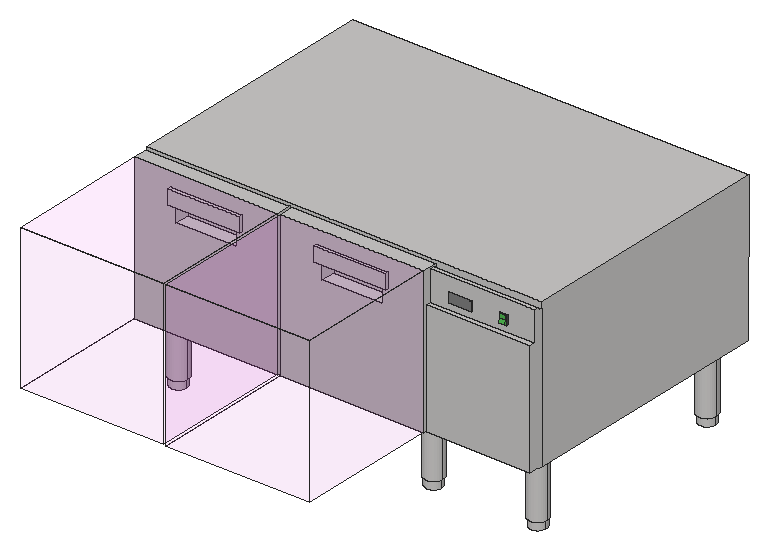
Revit family "QF_ELECTROLUXPROFESSIONAL_391602_E9TTAECOMIN", category Specialty Equipment, Revit 2023
Family settings
  Round Connector Dimension = Use Diameter
  Part Type = Normal
  Work Plane-Based = No
  Enable Cutting in Views = No
  Always vertical = Yes
  Cut with Voids When Loaded = No
  Maintain Annotation Orientation = No
  Shared = No
  Room Calculation Point = No
Parameters (values of type "Standard")
  Weight = 114.00 kg
  Watts = 4400 W
  Volts = 220 V
  URL Manufacturer = "http://professional.electrolux.com"
  URL = "http://professional.electrolux.com"
  Steam Supply Size = 0 mm
  Steam Supply Minimum Pressure = 0.0 Pa
  Steam Supply Maximum Pressure = 0.0 Pa
  Steam Pounds per Hour = 0
  Refrigeration Suction Line Size = 0 mm
  Refrigeration Liquid Line Size = 0 mm
  Refrigerant Compressor Remote = yes
  Default Elevation = 0 mm
  Manufacturer = "Electrolux Professional"
  Phase = 1
  Model = "E9TTAPCOMIN"
  Length Actual = 1200 mm  # constant formula
  Item Number = "391603"
  Hot Water Size = 0 mm
  Height Actual = 600 mm  # constant formula
  HP = "0.5 HP"
  Gas Size = 0 mm
  Gas KW = 0
  Gas Input Pressure = 0 W
  Description = "REFRIGERATED BASE WITH 2 DRAWERS 1200MM-60HZ - R290"
  Depth Actual = 830 mm  # constant formula
  Cycle = 60 Hz
  Condensate Return Size = 0 mm
  Compressed Air Volume = 0.0 L/s
  Compressed Air Size = 0 mm
  Compressed Air Pressure = 0.0 Pa
  Cold Water Size = 0 mm
  Accessory = yes
Reference planes
  plane 1 "Center X": y = 0
  plane 2: z = 0
  plane 3 "Centro (Sinistra/Destra)": x = 0
  plane 4: z = 200
  plane 5 "TOP": z = 650
  plane 6 "BACK": y = 450
  plane 7 "FRONT": y = -450
  plane 8 "LEFT": x = -600
  plane 9 "RIGHT": x = 600
  plane 10: y = -403
  plane 11: y = -448
  plane 12: x = -545
  plane 13: x = 545
  plane 14: x = 229
  plane 15: y = 292
  plane 16: y = -350
  plane 17: x = 286
  plane 18: x = -599
  plane 19: x = 599
  plane 20: y = 290
  plane 21: x = 560
  plane 22: y = 380
Forms (mm)
  Extrusion 1, solid, material "QF_Finishes_Stainless Steel"
    sketch origin (0, 0, 650) x (-1, 0, 0) y (0, -1, 0)
      loop
        line (599, -380) -> (599, 403) -> (-599, 403) -> (-599, -380) -> (599, -380)
    from -450 to 0
  Extrusion 2, solid, material "QF_Finishes_Stainless Steel"
    sketch origin (196, -342.999, 0) x (-1, 0, 0) y (0, 0, 1)
      loop
        line (795, 201.587) -> (795, 640.994) -> (360.999, 640.994) -> (360.999, 201.587) -> (795, 201.587)
      loop
        line (671.3, 506.706) -> (671.3, 585) -> (484.699, 585) -> (484.699, 506.706) -> (671.3, 506.706)
    from -105.001 to -60.001
  Extrusion 3, solid, material "QF_Door-Drawer Clearances"
    sketch origin (196, -448, 0) x (1, 0, 0) y (0, 0, 1)
      loop
        line (-795, 640.994) -> (-795, 201.587) -> (-360.999, 201.587) -> (-360.999, 640.994) -> (-795, 640.994)
    from 0 to 434
  Extrusion 4, solid, material "QF_Finishes_Stainless Steel"
    sketch origin (599, 66.551, 0) x (0, 1, 0) y (0, 0, 1)
      loop
        line (-469.551, 629.527) -> (-486.314, 640.994) -> (-497.65, 640.994) -> (-497.65, 549.796) -> (-514.551, 549.796) -> (-514.551, 204.796) -> (-484.714, 204.796) -> (-474.993, 200) -> (-469.551, 200) -> (-469.551, 629.527)
    from 0 to -313
  Extrusion 5, solid, material "QF_Finishes_Black"
    sketch origin (583, -431.099, 630.994) x (0, 0, -1) y (1, 0, 0)
      loop
        line (32.198, -86.899) -> (61.199, -86.899) -> (61.199, -64.9) -> (32.198, -64.9) -> (32.198, -86.899)
    from 0 to 1.6
  Extrusion 6, solid, material "QF_Finishes_Grey"
    sketch origin (589, -431.099, 630.994) x (0, 0, -1) y (1, 0, 0)
      loop
        line (32.198, -248.099) -> (61.199, -248.099) -> (61.199, -178.099) -> (32.198, -178.099) -> (32.198, -248.099)
    from 0 to 1.6
  Extrusion 7, solid, material "QF_Finishes_Green"
    sketch origin (518.1, -431.099, 598.796) x (0, 0, -1) y (0, 1, 0)
      loop
        line (2.279, -3.281) -> (14.5, -3.281) -> (25.308, -8.985)
        arc (25.308, -8.985) -> (26.537, -5.394) -> (26.605, -1.6) r 12.221
        line (26.605, -1.6) -> (2.395, -1.6)
        arc (2.395, -1.6) -> (2.308, -2.439) -> (2.279, -3.281) r 12.221
    from -20 to -2
  Extrusion 8, solid, material "QF_Door-Drawer Clearances"
    sketch origin (638.501, -342.999, 0) x (1, 0, 0) y (0, 0, 1)
      loop
        line (-795, 640.994) -> (-795, 201.587) -> (-360.999, 201.587) -> (-360.999, 640.994) -> (-795, 640.994)
    from 105.001 to 539.001
  Extrusion 9, solid, material "QF_Finishes_Stainless Steel"
    sketch origin (196, -448, 0) x (1, 0, 0) y (0, 0, 1)
      loop
        line (-686.3, 598.969) -> (-686.3, 553.969) -> (-469.699, 553.969) -> (-469.699, 598.969) -> (-686.3, 598.969)
    from 0 to 10
  Extrusion 10, solid, material "QF_Finishes_Stainless Steel"
    sketch origin (638.501, -342.999, 0) x (-1, 0, 0) y (0, 0, 1)
      loop
        line (795, 201.587) -> (795, 640.994) -> (360.999, 640.994) -> (360.999, 201.587) -> (795, 201.587)
      loop
        line (671.3, 506.706) -> (671.3, 585) -> (484.699, 585) -> (484.699, 506.706) -> (671.3, 506.706)
    from -105.001 to -60.001
  Extrusion 11, solid, material "QF_Finishes_Stainless Steel"
    sketch origin (638.501, -448, 0) x (1, 0, 0) y (0, 0, 1)
      loop
        line (-686.3, 598.969) -> (-686.3, 553.969) -> (-469.699, 553.969) -> (-469.699, 598.969) -> (-686.3, 598.969)
    from 0 to 10
  Extrusion 12, solid, material "QF_Finishes_Stainless Steel"
    sketch origin (0, -30, 0) x (1, 0, 0) y (0, 1, 0)
      loop
        circle (560, 290) r 6
    from 189.987 to 200
Lines and regions (mm)
  Split face 1
    outline origin (589, -432.699, 630.994) x (0, 0, -1) y (1, 0, 0)
      loop
        line (37.198, -238.099) -> (52.198, -238.099) -> (52.198, -188.099) -> (37.198, -188.099) -> (37.198, -238.099)
  Split face 2
    outline origin (589, -432.699, 630.994) x (0, 0, -1) y (1, 0, 0)
      loop
        circle (44.698, -185.099) r 1.2
  Split face 3
    outline origin (589, -432.699, 630.994) x (0, 0, -1) y (1, 0, 0)
      loop
        circle (39.698, -185.099) r 1.2
  Split face 4
    outline origin (589, -432.699, 630.994) x (0, 0, -1) y (1, 0, 0)
      loop
        circle (49.698, -185.099) r 1.2
  Split face 5
    outline origin (589, -432.699, 630.994) x (0, 0, -1) y (1, 0, 0)
      loop
        circle (39.698, -241.099) r 1.2
  Split face 6
    outline origin (589, -432.699, 630.994) x (0, 0, -1) y (1, 0, 0)
      loop
        circle (44.698, -241.099) r 1.2
  Split face 7
    outline origin (589, -432.699, 630.994) x (0, 0, -1) y (1, 0, 0)
      loop
        circle (49.698, -241.099) r 1.2
  Split face 8
    outline origin (589, -432.699, 630.994) x (0, 0, -1) y (1, 0, 0)
      loop
        line (59.151, -238.099) -> (59.151, -227.099) -> (54.151, -227.099) -> (54.151, -238.099) -> (59.151, -238.099)
  Split face 9
    outline origin (589, -432.699, 630.994) x (0, 0, -1) y (1, 0, 0)
      loop
        line (54.151, -225.099) -> (59.151, -225.099) -> (59.151, -214.099) -> (54.151, -214.099) -> (54.151, -225.099)
  Split face 10
    outline origin (602, -432.699, 630.994) x (0, 0, -1) y (1, 0, 0)
      loop
        line (54.151, -225.099) -> (59.151, -225.099) -> (59.151, -214.099) -> (54.151, -214.099) -> (54.151, -225.099)
  Split face 11
    outline origin (615, -432.699, 630.994) x (0, 0, -1) y (1, 0, 0)
      loop
        line (54.151, -225.099) -> (59.151, -225.099) -> (59.151, -214.099) -> (54.151, -214.099) -> (54.151, -225.099)
  Split face 12
    outline origin (601.5, -448, 549.796) x (0, 0, -1) y (1, 0, 0)
      loop
        arc (52.48, -282.599) -> (56.5, -278.61) -> (52.5, -274.599) r 4
        line (52.5, -274.599) -> (20.5, -274.599)
        arc (20.5, -274.599) -> (16.5, -278.61) -> (20.521, -282.599) r 4
        line (20.521, -282.599) -> (52.48, -282.599)
  Split face 13
    outline origin (613.5, -448, 549.796) x (0, 0, -1) y (1, 0, 0)
      loop
        arc (52.48, -282.599) -> (56.5, -278.61) -> (52.5, -274.599) r 4
        line (52.5, -274.599) -> (20.5, -274.599)
        arc (20.5, -274.599) -> (16.5, -278.61) -> (20.521, -282.599) r 4
        line (20.521, -282.599) -> (52.48, -282.599)
  Split face 14
    outline origin (625.5, -448, 549.796) x (0, 0, -1) y (1, 0, 0)
      loop
        arc (52.48, -282.599) -> (56.5, -278.61) -> (52.5, -274.599) r 4
        line (52.5, -274.599) -> (20.5, -274.599)
        arc (20.5, -274.599) -> (16.5, -278.61) -> (20.521, -282.599) r 4
        line (20.521, -282.599) -> (52.48, -282.599)
  Split face 15
    outline origin (637.397, -448, 549.796) x (0, 0, -1) y (1, 0, 0)
      loop
        arc (52.48, -282.599) -> (56.5, -278.61) -> (52.5, -274.599) r 4
        line (52.5, -274.599) -> (20.5, -274.599)
        arc (20.5, -274.599) -> (16.5, -278.61) -> (20.521, -282.599) r 4
        line (20.521, -282.599) -> (52.48, -282.599)
  Split face 16
    outline origin (649.396, -448, 549.796) x (0, 0, -1) y (1, 0, 0)
      loop
        arc (52.48, -282.599) -> (56.5, -278.61) -> (52.5, -274.599) r 4
        line (52.5, -274.599) -> (20.5, -274.599)
        arc (20.5, -274.599) -> (16.5, -278.61) -> (20.521, -282.599) r 4
        line (20.521, -282.599) -> (52.48, -282.599)
  Split face 17
    outline origin (661.396, -448, 549.796) x (0, 0, -1) y (1, 0, 0)
      loop
        arc (52.48, -282.599) -> (56.5, -278.61) -> (52.5, -274.599) r 4
        line (52.5, -274.599) -> (20.5, -274.599)
        arc (20.5, -274.599) -> (16.5, -278.61) -> (20.521, -282.599) r 4
        line (20.521, -282.599) -> (52.48, -282.599)
  Split face 18
    outline origin (673.396, -448, 549.796) x (0, 0, -1) y (1, 0, 0)
      loop
        arc (52.48, -282.599) -> (56.5, -278.61) -> (52.5, -274.599) r 4
        line (52.5, -274.599) -> (20.5, -274.599)
        arc (20.5, -274.599) -> (16.5, -278.61) -> (20.521, -282.599) r 4
        line (20.521, -282.599) -> (52.48, -282.599)
  Split face 19
    outline origin (685.397, -448, 549.796) x (0, 0, -1) y (1, 0, 0)
      loop
        arc (52.48, -282.599) -> (56.5, -278.61) -> (52.5, -274.599) r 4
        line (52.5, -274.599) -> (20.5, -274.599)
        arc (20.5, -274.599) -> (16.5, -278.61) -> (20.521, -282.599) r 4
        line (20.521, -282.599) -> (52.48, -282.599)
  Split face 20
    outline origin (697.396, -448, 549.796) x (0, 0, -1) y (1, 0, 0)
      loop
        arc (52.48, -282.599) -> (56.5, -278.61) -> (52.5, -274.599) r 4
        line (52.5, -274.599) -> (20.5, -274.599)
        arc (20.5, -274.599) -> (16.5, -278.61) -> (20.521, -282.599) r 4
        line (20.521, -282.599) -> (52.48, -282.599)
  Split face 21
    outline origin (704.396, -448, 549.796) x (0, 0, -1) y (1, 0, 0)
      loop
        arc (52.48, -242.399) -> (56.5, -238.41) -> (52.5, -234.4) r 4
        line (52.5, -234.4) -> (20.5, -234.4)
        arc (20.5, -234.4) -> (16.5, -238.41) -> (20.521, -242.399) r 4
        line (20.521, -242.399) -> (52.48, -242.399)
  Split face 22
    outline origin (716.396, -448, 549.796) x (0, 0, -1) y (1, 0, 0)
      loop
        arc (52.48, -242.399) -> (56.5, -238.41) -> (52.5, -234.4) r 4
        line (52.5, -234.4) -> (20.5, -234.4)
        arc (20.5, -234.4) -> (16.5, -238.41) -> (20.521, -242.399) r 4
        line (20.521, -242.399) -> (52.48, -242.399)
  Split face 23
    outline origin (728.396, -448, 549.796) x (0, 0, -1) y (1, 0, 0)
      loop
        arc (52.48, -242.399) -> (56.5, -238.41) -> (52.5, -234.4) r 4
        line (52.5, -234.4) -> (20.5, -234.4)
        arc (20.5, -234.4) -> (16.5, -238.41) -> (20.521, -242.399) r 4
        line (20.521, -242.399) -> (52.48, -242.399)
  Split face 24
    outline origin (740.396, -448, 549.796) x (0, 0, -1) y (1, 0, 0)
      loop
        arc (52.48, -242.399) -> (56.5, -238.41) -> (52.5, -234.4) r 4
        line (52.5, -234.4) -> (20.5, -234.4)
        arc (20.5, -234.4) -> (16.5, -238.41) -> (20.521, -242.399) r 4
        line (20.521, -242.399) -> (52.48, -242.399)
  Split face 25
    outline origin (752.396, -448, 549.796) x (0, 0, -1) y (1, 0, 0)
      loop
        arc (52.48, -242.399) -> (56.5, -238.41) -> (52.5, -234.4) r 4
        line (52.5, -234.4) -> (20.5, -234.4)
        arc (20.5, -234.4) -> (16.5, -238.41) -> (20.521, -242.399) r 4
        line (20.521, -242.399) -> (52.48, -242.399)
  Split face 26
    outline origin (764.396, -448, 549.796) x (0, 0, -1) y (1, 0, 0)
      loop
        arc (52.48, -242.399) -> (56.5, -238.41) -> (52.5, -234.4) r 4
        line (52.5, -234.4) -> (20.5, -234.4)
        arc (20.5, -234.4) -> (16.5, -238.41) -> (20.521, -242.399) r 4
        line (20.521, -242.399) -> (52.48, -242.399)
  Split face 27
    outline origin (776.396, -448, 549.796) x (0, 0, -1) y (1, 0, 0)
      loop
        arc (52.48, -242.399) -> (56.5, -238.41) -> (52.5, -234.4) r 4
        line (52.5, -234.4) -> (20.5, -234.4)
        arc (20.5, -234.4) -> (16.5, -238.41) -> (20.521, -242.399) r 4
        line (20.521, -242.399) -> (52.48, -242.399)
  Split face 28
    outline origin (788.396, -448, 549.796) x (0, 0, -1) y (1, 0, 0)
      loop
        arc (52.48, -242.399) -> (56.5, -238.41) -> (52.5, -234.4) r 4
        line (52.5, -234.4) -> (20.5, -234.4)
        arc (20.5, -234.4) -> (16.5, -238.41) -> (20.521, -242.399) r 4
        line (20.521, -242.399) -> (52.48, -242.399)
  Split face 29
    outline origin (800.396, -448, 549.796) x (0, 0, -1) y (1, 0, 0)
      loop
        arc (52.48, -242.399) -> (56.5, -238.41) -> (52.5, -234.4) r 4
        line (52.5, -234.4) -> (20.5, -234.4)
        arc (20.5, -234.4) -> (16.5, -238.41) -> (20.521, -242.399) r 4
        line (20.521, -242.399) -> (52.48, -242.399)
  Split face 30
    outline origin (812.396, -448, 549.796) x (0, 0, -1) y (1, 0, 0)
      loop
        arc (52.48, -242.399) -> (56.5, -238.41) -> (52.5, -234.4) r 4
        line (52.5, -234.4) -> (20.5, -234.4)
        arc (20.5, -234.4) -> (16.5, -238.41) -> (20.521, -242.399) r 4
        line (20.521, -242.399) -> (52.48, -242.399)
  Split face 31
    outline origin (589.5, -448, 549.796) x (0, 0, -1) y (1, 0, 0)
      loop
        arc (52.48, -282.599) -> (56.5, -278.61) -> (52.5, -274.599) r 4
        line (52.5, -274.599) -> (20.5, -274.599)
        arc (20.5, -274.599) -> (16.5, -278.61) -> (20.521, -282.599) r 4
        line (20.521, -282.599) -> (52.48, -282.599)
  Split face 32
    outline origin (601.5, -448, 504.794) x (0, 0, -1) y (1, 0, 0)
      loop
        arc (52.48, -282.599) -> (56.5, -278.61) -> (52.5, -274.599) r 4
        line (52.5, -274.599) -> (20.5, -274.599)
        arc (20.5, -274.599) -> (16.5, -278.61) -> (20.521, -282.599) r 4
        line (20.521, -282.599) -> (52.48, -282.599)
  Split face 33
    outline origin (613.5, -448, 504.794) x (0, 0, -1) y (1, 0, 0)
      loop
        arc (52.48, -282.599) -> (56.5, -278.61) -> (52.5, -274.599) r 4
        line (52.5, -274.599) -> (20.5, -274.599)
        arc (20.5, -274.599) -> (16.5, -278.61) -> (20.521, -282.599) r 4
        line (20.521, -282.599) -> (52.48, -282.599)
  Split face 34
    outline origin (625.5, -448, 504.794) x (0, 0, -1) y (1, 0, 0)
      loop
        arc (52.48, -282.599) -> (56.5, -278.61) -> (52.5, -274.599) r 4
        line (52.5, -274.599) -> (20.5, -274.599)
        arc (20.5, -274.599) -> (16.5, -278.61) -> (20.521, -282.599) r 4
        line (20.521, -282.599) -> (52.48, -282.599)
  Split face 35
    outline origin (637.397, -448, 504.794) x (0, 0, -1) y (1, 0, 0)
      loop
        arc (52.48, -282.599) -> (56.5, -278.61) -> (52.5, -274.599) r 4
        line (52.5, -274.599) -> (20.5, -274.599)
        arc (20.5, -274.599) -> (16.5, -278.61) -> (20.521, -282.599) r 4
        line (20.521, -282.599) -> (52.48, -282.599)
  Split face 36
    outline origin (649.396, -448, 504.794) x (0, 0, -1) y (1, 0, 0)
      loop
        arc (52.48, -282.599) -> (56.5, -278.61) -> (52.5, -274.599) r 4
        line (52.5, -274.599) -> (20.5, -274.599)
        arc (20.5, -274.599) -> (16.5, -278.61) -> (20.521, -282.599) r 4
        line (20.521, -282.599) -> (52.48, -282.599)
  Split face 37
    outline origin (661.396, -448, 504.794) x (0, 0, -1) y (1, 0, 0)
      loop
        arc (52.48, -282.599) -> (56.5, -278.61) -> (52.5, -274.599) r 4
        line (52.5, -274.599) -> (20.5, -274.599)
        arc (20.5, -274.599) -> (16.5, -278.61) -> (20.521, -282.599) r 4
        line (20.521, -282.599) -> (52.48, -282.599)
  Split face 38
    outline origin (673.396, -448, 504.794) x (0, 0, -1) y (1, 0, 0)
      loop
        arc (52.48, -282.599) -> (56.5, -278.61) -> (52.5, -274.599) r 4
        line (52.5, -274.599) -> (20.5, -274.599)
        arc (20.5, -274.599) -> (16.5, -278.61) -> (20.521, -282.599) r 4
        line (20.521, -282.599) -> (52.48, -282.599)
  Split face 39
    outline origin (685.397, -448, 504.794) x (0, 0, -1) y (1, 0, 0)
      loop
        arc (52.48, -282.599) -> (56.5, -278.61) -> (52.5, -274.599) r 4
        line (52.5, -274.599) -> (20.5, -274.599)
        arc (20.5, -274.599) -> (16.5, -278.61) -> (20.521, -282.599) r 4
        line (20.521, -282.599) -> (52.48, -282.599)
  Split face 40
    outline origin (697.396, -448, 504.794) x (0, 0, -1) y (1, 0, 0)
      loop
        arc (52.48, -282.599) -> (56.5, -278.61) -> (52.5, -274.599) r 4
        line (52.5, -274.599) -> (20.5, -274.599)
        arc (20.5, -274.599) -> (16.5, -278.61) -> (20.521, -282.599) r 4
        line (20.521, -282.599) -> (52.48, -282.599)
  Split face 41
    outline origin (704.396, -448, 504.794) x (0, 0, -1) y (1, 0, 0)
      loop
        arc (52.48, -242.399) -> (56.5, -238.41) -> (52.5, -234.4) r 4
        line (52.5, -234.4) -> (20.5, -234.4)
        arc (20.5, -234.4) -> (16.5, -238.41) -> (20.521, -242.399) r 4
        line (20.521, -242.399) -> (52.48, -242.399)
  Split face 42
    outline origin (716.396, -448, 504.794) x (0, 0, -1) y (1, 0, 0)
      loop
        arc (52.48, -242.399) -> (56.5, -238.41) -> (52.5, -234.4) r 4
        line (52.5, -234.4) -> (20.5, -234.4)
        arc (20.5, -234.4) -> (16.5, -238.41) -> (20.521, -242.399) r 4
        line (20.521, -242.399) -> (52.48, -242.399)
  Split face 43
    outline origin (728.396, -448, 504.794) x (0, 0, -1) y (1, 0, 0)
      loop
        arc (52.48, -242.399) -> (56.5, -238.41) -> (52.5, -234.4) r 4
        line (52.5, -234.4) -> (20.5, -234.4)
        arc (20.5, -234.4) -> (16.5, -238.41) -> (20.521, -242.399) r 4
        line (20.521, -242.399) -> (52.48, -242.399)
  Split face 44
    outline origin (740.396, -448, 504.794) x (0, 0, -1) y (1, 0, 0)
      loop
        arc (52.48, -242.399) -> (56.5, -238.41) -> (52.5, -234.4) r 4
        line (52.5, -234.4) -> (20.5, -234.4)
        arc (20.5, -234.4) -> (16.5, -238.41) -> (20.521, -242.399) r 4
        line (20.521, -242.399) -> (52.48, -242.399)
  Split face 45
    outline origin (752.396, -448, 504.794) x (0, 0, -1) y (1, 0, 0)
      loop
        arc (52.48, -242.399) -> (56.5, -238.41) -> (52.5, -234.4) r 4
        line (52.5, -234.4) -> (20.5, -234.4)
        arc (20.5, -234.4) -> (16.5, -238.41) -> (20.521, -242.399) r 4
        line (20.521, -242.399) -> (52.48, -242.399)
  Split face 46
    outline origin (764.396, -448, 504.794) x (0, 0, -1) y (1, 0, 0)
      loop
        arc (52.48, -242.399) -> (56.5, -238.41) -> (52.5, -234.4) r 4
        line (52.5, -234.4) -> (20.5, -234.4)
        arc (20.5, -234.4) -> (16.5, -238.41) -> (20.521, -242.399) r 4
        line (20.521, -242.399) -> (52.48, -242.399)
  Split face 47
    outline origin (776.396, -448, 504.794) x (0, 0, -1) y (1, 0, 0)
      loop
        arc (52.48, -242.399) -> (56.5, -238.41) -> (52.5, -234.4) r 4
        line (52.5, -234.4) -> (20.5, -234.4)
        arc (20.5, -234.4) -> (16.5, -238.41) -> (20.521, -242.399) r 4
        line (20.521, -242.399) -> (52.48, -242.399)
  Split face 48
    outline origin (788.396, -448, 504.794) x (0, 0, -1) y (1, 0, 0)
      loop
        arc (52.48, -242.399) -> (56.5, -238.41) -> (52.5, -234.4) r 4
        line (52.5, -234.4) -> (20.5, -234.4)
        arc (20.5, -234.4) -> (16.5, -238.41) -> (20.521, -242.399) r 4
        line (20.521, -242.399) -> (52.48, -242.399)
  Split face 49
    outline origin (800.396, -448, 504.794) x (0, 0, -1) y (1, 0, 0)
      loop
        arc (52.48, -242.399) -> (56.5, -238.41) -> (52.5, -234.4) r 4
        line (52.5, -234.4) -> (20.5, -234.4)
        arc (20.5, -234.4) -> (16.5, -238.41) -> (20.521, -242.399) r 4
        line (20.521, -242.399) -> (52.48, -242.399)
  Split face 50
    outline origin (812.396, -448, 504.794) x (0, 0, -1) y (1, 0, 0)
      loop
        arc (52.48, -242.399) -> (56.5, -238.41) -> (52.5, -234.4) r 4
        line (52.5, -234.4) -> (20.5, -234.4)
        arc (20.5, -234.4) -> (16.5, -238.41) -> (20.521, -242.399) r 4
        line (20.521, -242.399) -> (52.48, -242.399)
  Split face 51
    outline origin (589.5, -448, 504.794) x (0, 0, -1) y (1, 0, 0)
      loop
        arc (52.48, -282.599) -> (56.5, -278.61) -> (52.5, -274.599) r 4
        line (52.5, -274.599) -> (20.5, -274.599)
        arc (20.5, -274.599) -> (16.5, -278.61) -> (20.521, -282.599) r 4
        line (20.521, -282.599) -> (52.48, -282.599)
  Split face 52
    outline origin (601.5, -448, 459.794) x (0, 0, -1) y (1, 0, 0)
      loop
        arc (52.48, -282.599) -> (56.5, -278.61) -> (52.5, -274.599) r 4
        line (52.5, -274.599) -> (20.5, -274.599)
        arc (20.5, -274.599) -> (16.5, -278.61) -> (20.521, -282.599) r 4
        line (20.521, -282.599) -> (52.48, -282.599)
  Split face 53
    outline origin (613.5, -448, 459.794) x (0, 0, -1) y (1, 0, 0)
      loop
        arc (52.48, -282.599) -> (56.5, -278.61) -> (52.5, -274.599) r 4
        line (52.5, -274.599) -> (20.5, -274.599)
        arc (20.5, -274.599) -> (16.5, -278.61) -> (20.521, -282.599) r 4
        line (20.521, -282.599) -> (52.48, -282.599)
  Split face 54
    outline origin (625.5, -448, 459.794) x (0, 0, -1) y (1, 0, 0)
      loop
        arc (52.48, -282.599) -> (56.5, -278.61) -> (52.5, -274.599) r 4
        line (52.5, -274.599) -> (20.5, -274.599)
        arc (20.5, -274.599) -> (16.5, -278.61) -> (20.521, -282.599) r 4
        line (20.521, -282.599) -> (52.48, -282.599)
  Split face 55
    outline origin (637.397, -448, 459.794) x (0, 0, -1) y (1, 0, 0)
      loop
        arc (52.48, -282.599) -> (56.5, -278.61) -> (52.5, -274.599) r 4
        line (52.5, -274.599) -> (20.5, -274.599)
        arc (20.5, -274.599) -> (16.5, -278.61) -> (20.521, -282.599) r 4
        line (20.521, -282.599) -> (52.48, -282.599)
  Split face 56
    outline origin (649.396, -448, 459.794) x (0, 0, -1) y (1, 0, 0)
      loop
        arc (52.48, -282.599) -> (56.5, -278.61) -> (52.5, -274.599) r 4
        line (52.5, -274.599) -> (20.5, -274.599)
        arc (20.5, -274.599) -> (16.5, -278.61) -> (20.521, -282.599) r 4
        line (20.521, -282.599) -> (52.48, -282.599)
  Split face 57
    outline origin (661.396, -448, 459.794) x (0, 0, -1) y (1, 0, 0)
      loop
        arc (52.48, -282.599) -> (56.5, -278.61) -> (52.5, -274.599) r 4
        line (52.5, -274.599) -> (20.5, -274.599)
        arc (20.5, -274.599) -> (16.5, -278.61) -> (20.521, -282.599) r 4
        line (20.521, -282.599) -> (52.48, -282.599)
  Split face 58
    outline origin (673.396, -448, 459.794) x (0, 0, -1) y (1, 0, 0)
      loop
        arc (52.48, -282.599) -> (56.5, -278.61) -> (52.5, -274.599) r 4
        line (52.5, -274.599) -> (20.5, -274.599)
        arc (20.5, -274.599) -> (16.5, -278.61) -> (20.521, -282.599) r 4
        line (20.521, -282.599) -> (52.48, -282.599)
  Split face 59
    outline origin (685.397, -448, 459.794) x (0, 0, -1) y (1, 0, 0)
      loop
        arc (52.48, -282.599) -> (56.5, -278.61) -> (52.5, -274.599) r 4
        line (52.5, -274.599) -> (20.5, -274.599)
        arc (20.5, -274.599) -> (16.5, -278.61) -> (20.521, -282.599) r 4
        line (20.521, -282.599) -> (52.48, -282.599)
  Split face 60
    outline origin (697.396, -448, 459.794) x (0, 0, -1) y (1, 0, 0)
      loop
        arc (52.48, -282.599) -> (56.5, -278.61) -> (52.5, -274.599) r 4
        line (52.5, -274.599) -> (20.5, -274.599)
        arc (20.5, -274.599) -> (16.5, -278.61) -> (20.521, -282.599) r 4
        line (20.521, -282.599) -> (52.48, -282.599)
  Split face 61
    outline origin (704.396, -448, 459.794) x (0, 0, -1) y (1, 0, 0)
      loop
        arc (52.48, -242.399) -> (56.5, -238.41) -> (52.5, -234.4) r 4
        line (52.5, -234.4) -> (20.5, -234.4)
        arc (20.5, -234.4) -> (16.5, -238.41) -> (20.521, -242.399) r 4
        line (20.521, -242.399) -> (52.48, -242.399)
  Split face 62
    outline origin (716.396, -448, 459.794) x (0, 0, -1) y (1, 0, 0)
      loop
        arc (52.48, -242.399) -> (56.5, -238.41) -> (52.5, -234.4) r 4
        line (52.5, -234.4) -> (20.5, -234.4)
        arc (20.5, -234.4) -> (16.5, -238.41) -> (20.521, -242.399) r 4
        line (20.521, -242.399) -> (52.48, -242.399)
  Split face 63
    outline origin (728.396, -448, 459.794) x (0, 0, -1) y (1, 0, 0)
      loop
        arc (52.48, -242.399) -> (56.5, -238.41) -> (52.5, -234.4) r 4
        line (52.5, -234.4) -> (20.5, -234.4)
        arc (20.5, -234.4) -> (16.5, -238.41) -> (20.521, -242.399) r 4
        line (20.521, -242.399) -> (52.48, -242.399)
  Split face 64
    outline origin (740.396, -448, 459.794) x (0, 0, -1) y (1, 0, 0)
      loop
        arc (52.48, -242.399) -> (56.5, -238.41) -> (52.5, -234.4) r 4
        line (52.5, -234.4) -> (20.5, -234.4)
        arc (20.5, -234.4) -> (16.5, -238.41) -> (20.521, -242.399) r 4
        line (20.521, -242.399) -> (52.48, -242.399)
  Split face 65
    outline origin (752.396, -448, 459.794) x (0, 0, -1) y (1, 0, 0)
      loop
        arc (52.48, -242.399) -> (56.5, -238.41) -> (52.5, -234.4) r 4
        line (52.5, -234.4) -> (20.5, -234.4)
        arc (20.5, -234.4) -> (16.5, -238.41) -> (20.521, -242.399) r 4
        line (20.521, -242.399) -> (52.48, -242.399)
  Split face 66
    outline origin (764.396, -448, 459.794) x (0, 0, -1) y (1, 0, 0)
      loop
        arc (52.48, -242.399) -> (56.5, -238.41) -> (52.5, -234.4) r 4
        line (52.5, -234.4) -> (20.5, -234.4)
        arc (20.5, -234.4) -> (16.5, -238.41) -> (20.521, -242.399) r 4
        line (20.521, -242.399) -> (52.48, -242.399)
  Split face 67
    outline origin (776.396, -448, 459.794) x (0, 0, -1) y (1, 0, 0)
      loop
        arc (52.48, -242.399) -> (56.5, -238.41) -> (52.5, -234.4) r 4
        line (52.5, -234.4) -> (20.5, -234.4)
        arc (20.5, -234.4) -> (16.5, -238.41) -> (20.521, -242.399) r 4
        line (20.521, -242.399) -> (52.48, -242.399)
  Split face 68
    outline origin (788.396, -448, 459.794) x (0, 0, -1) y (1, 0, 0)
      loop
        arc (52.48, -242.399) -> (56.5, -238.41) -> (52.5, -234.4) r 4
        line (52.5, -234.4) -> (20.5, -234.4)
        arc (20.5, -234.4) -> (16.5, -238.41) -> (20.521, -242.399) r 4
        line (20.521, -242.399) -> (52.48, -242.399)
  Split face 69
    outline origin (800.396, -448, 459.794) x (0, 0, -1) y (1, 0, 0)
      loop
        arc (52.48, -242.399) -> (56.5, -238.41) -> (52.5, -234.4) r 4
        line (52.5, -234.4) -> (20.5, -234.4)
        arc (20.5, -234.4) -> (16.5, -238.41) -> (20.521, -242.399) r 4
        line (20.521, -242.399) -> (52.48, -242.399)
  Split face 70
    outline origin (812.396, -448, 459.794) x (0, 0, -1) y (1, 0, 0)
      loop
        arc (52.48, -242.399) -> (56.5, -238.41) -> (52.5, -234.4) r 4
        line (52.5, -234.4) -> (20.5, -234.4)
        arc (20.5, -234.4) -> (16.5, -238.41) -> (20.521, -242.399) r 4
        line (20.521, -242.399) -> (52.48, -242.399)
  Split face 71
    outline origin (589.5, -448, 459.794) x (0, 0, -1) y (1, 0, 0)
      loop
        arc (52.48, -282.599) -> (56.5, -278.61) -> (52.5, -274.599) r 4
        line (52.5, -274.599) -> (20.5, -274.599)
        arc (20.5, -274.599) -> (16.5, -278.61) -> (20.521, -282.599) r 4
        line (20.521, -282.599) -> (52.48, -282.599)
  Split face 72
    outline origin (601.5, -448, 414.794) x (0, 0, -1) y (1, 0, 0)
      loop
        arc (52.48, -282.599) -> (56.5, -278.61) -> (52.5, -274.599) r 4
        line (52.5, -274.599) -> (20.5, -274.599)
        arc (20.5, -274.599) -> (16.5, -278.61) -> (20.521, -282.599) r 4
        line (20.521, -282.599) -> (52.48, -282.599)
  Split face 73
    outline origin (613.5, -448, 414.794) x (0, 0, -1) y (1, 0, 0)
      loop
        arc (52.48, -282.599) -> (56.5, -278.61) -> (52.5, -274.599) r 4
        line (52.5, -274.599) -> (20.5, -274.599)
        arc (20.5, -274.599) -> (16.5, -278.61) -> (20.521, -282.599) r 4
        line (20.521, -282.599) -> (52.48, -282.599)
  Split face 74
    outline origin (625.5, -448, 414.794) x (0, 0, -1) y (1, 0, 0)
      loop
        arc (52.48, -282.599) -> (56.5, -278.61) -> (52.5, -274.599) r 4
        line (52.5, -274.599) -> (20.5, -274.599)
        arc (20.5, -274.599) -> (16.5, -278.61) -> (20.521, -282.599) r 4
        line (20.521, -282.599) -> (52.48, -282.599)
  Split face 75
    outline origin (637.397, -448, 414.794) x (0, 0, -1) y (1, 0, 0)
      loop
        arc (52.48, -282.599) -> (56.5, -278.61) -> (52.5, -274.599) r 4
        line (52.5, -274.599) -> (20.5, -274.599)
        arc (20.5, -274.599) -> (16.5, -278.61) -> (20.521, -282.599) r 4
        line (20.521, -282.599) -> (52.48, -282.599)
  Split face 76
    outline origin (649.396, -448, 414.794) x (0, 0, -1) y (1, 0, 0)
      loop
        arc (52.48, -282.599) -> (56.5, -278.61) -> (52.5, -274.599) r 4
        line (52.5, -274.599) -> (20.5, -274.599)
        arc (20.5, -274.599) -> (16.5, -278.61) -> (20.521, -282.599) r 4
        line (20.521, -282.599) -> (52.48, -282.599)
  Split face 77
    outline origin (661.396, -448, 414.794) x (0, 0, -1) y (1, 0, 0)
      loop
        arc (52.48, -282.599) -> (56.5, -278.61) -> (52.5, -274.599) r 4
        line (52.5, -274.599) -> (20.5, -274.599)
        arc (20.5, -274.599) -> (16.5, -278.61) -> (20.521, -282.599) r 4
        line (20.521, -282.599) -> (52.48, -282.599)
  Split face 78
    outline origin (673.396, -448, 414.794) x (0, 0, -1) y (1, 0, 0)
      loop
        arc (52.48, -282.599) -> (56.5, -278.61) -> (52.5, -274.599) r 4
        line (52.5, -274.599) -> (20.5, -274.599)
        arc (20.5, -274.599) -> (16.5, -278.61) -> (20.521, -282.599) r 4
        line (20.521, -282.599) -> (52.48, -282.599)
  Split face 79
    outline origin (685.397, -448, 414.794) x (0, 0, -1) y (1, 0, 0)
      loop
        arc (52.48, -282.599) -> (56.5, -278.61) -> (52.5, -274.599) r 4
        line (52.5, -274.599) -> (20.5, -274.599)
        arc (20.5, -274.599) -> (16.5, -278.61) -> (20.521, -282.599) r 4
        line (20.521, -282.599) -> (52.48, -282.599)
  Split face 80
    outline origin (697.396, -448, 414.794) x (0, 0, -1) y (1, 0, 0)
      loop
        arc (52.48, -282.599) -> (56.5, -278.61) -> (52.5, -274.599) r 4
        line (52.5, -274.599) -> (20.5, -274.599)
        arc (20.5, -274.599) -> (16.5, -278.61) -> (20.521, -282.599) r 4
        line (20.521, -282.599) -> (52.48, -282.599)
  Split face 81
    outline origin (704.396, -448, 414.794) x (0, 0, -1) y (1, 0, 0)
      loop
        arc (52.48, -242.399) -> (56.5, -238.41) -> (52.5, -234.4) r 4
        line (52.5, -234.4) -> (20.5, -234.4)
        arc (20.5, -234.4) -> (16.5, -238.41) -> (20.521, -242.399) r 4
        line (20.521, -242.399) -> (52.48, -242.399)
  Split face 82
    outline origin (716.396, -448, 414.794) x (0, 0, -1) y (1, 0, 0)
      loop
        arc (52.48, -242.399) -> (56.5, -238.41) -> (52.5, -234.4) r 4
        line (52.5, -234.4) -> (20.5, -234.4)
        arc (20.5, -234.4) -> (16.5, -238.41) -> (20.521, -242.399) r 4
        line (20.521, -242.399) -> (52.48, -242.399)
  Split face 83
    outline origin (728.396, -448, 414.794) x (0, 0, -1) y (1, 0, 0)
      loop
        arc (52.48, -242.399) -> (56.5, -238.41) -> (52.5, -234.4) r 4
        line (52.5, -234.4) -> (20.5, -234.4)
        arc (20.5, -234.4) -> (16.5, -238.41) -> (20.521, -242.399) r 4
        line (20.521, -242.399) -> (52.48, -242.399)
  Split face 84
    outline origin (740.396, -448, 414.794) x (0, 0, -1) y (1, 0, 0)
      loop
        arc (52.48, -242.399) -> (56.5, -238.41) -> (52.5, -234.4) r 4
        line (52.5, -234.4) -> (20.5, -234.4)
        arc (20.5, -234.4) -> (16.5, -238.41) -> (20.521, -242.399) r 4
        line (20.521, -242.399) -> (52.48, -242.399)
  Split face 85
    outline origin (752.396, -448, 414.794) x (0, 0, -1) y (1, 0, 0)
      loop
        arc (52.48, -242.399) -> (56.5, -238.41) -> (52.5, -234.4) r 4
        line (52.5, -234.4) -> (20.5, -234.4)
        arc (20.5, -234.4) -> (16.5, -238.41) -> (20.521, -242.399) r 4
        line (20.521, -242.399) -> (52.48, -242.399)
  Split face 86
    outline origin (764.396, -448, 414.794) x (0, 0, -1) y (1, 0, 0)
      loop
        arc (52.48, -242.399) -> (56.5, -238.41) -> (52.5, -234.4) r 4
        line (52.5, -234.4) -> (20.5, -234.4)
        arc (20.5, -234.4) -> (16.5, -238.41) -> (20.521, -242.399) r 4
        line (20.521, -242.399) -> (52.48, -242.399)
  Split face 87
    outline origin (776.396, -448, 414.794) x (0, 0, -1) y (1, 0, 0)
      loop
        arc (52.48, -242.399) -> (56.5, -238.41) -> (52.5, -234.4) r 4
        line (52.5, -234.4) -> (20.5, -234.4)
        arc (20.5, -234.4) -> (16.5, -238.41) -> (20.521, -242.399) r 4
        line (20.521, -242.399) -> (52.48, -242.399)
  Split face 88
    outline origin (788.396, -448, 414.794) x (0, 0, -1) y (1, 0, 0)
      loop
        arc (52.48, -242.399) -> (56.5, -238.41) -> (52.5, -234.4) r 4
        line (52.5, -234.4) -> (20.5, -234.4)
        arc (20.5, -234.4) -> (16.5, -238.41) -> (20.521, -242.399) r 4
        line (20.521, -242.399) -> (52.48, -242.399)
  Split face 89
    outline origin (800.396, -448, 414.794) x (0, 0, -1) y (1, 0, 0)
      loop
        arc (52.48, -242.399) -> (56.5, -238.41) -> (52.5, -234.4) r 4
        line (52.5, -234.4) -> (20.5, -234.4)
        arc (20.5, -234.4) -> (16.5, -238.41) -> (20.521, -242.399) r 4
        line (20.521, -242.399) -> (52.48, -242.399)
  Split face 90
    outline origin (812.396, -448, 414.794) x (0, 0, -1) y (1, 0, 0)
      loop
        arc (52.48, -242.399) -> (56.5, -238.41) -> (52.5, -234.4) r 4
        line (52.5, -234.4) -> (20.5, -234.4)
        arc (20.5, -234.4) -> (16.5, -238.41) -> (20.521, -242.399) r 4
        line (20.521, -242.399) -> (52.48, -242.399)
  Split face 91
    outline origin (589.5, -448, 414.794) x (0, 0, -1) y (1, 0, 0)
      loop
        arc (52.48, -282.599) -> (56.5, -278.61) -> (52.5, -274.599) r 4
        line (52.5, -274.599) -> (20.5, -274.599)
        arc (20.5, -274.599) -> (16.5, -278.61) -> (20.521, -282.599) r 4
        line (20.521, -282.599) -> (52.48, -282.599)
  Split face 92
    outline origin (601.5, -448, 369.794) x (0, 0, -1) y (1, 0, 0)
      loop
        arc (52.48, -282.599) -> (56.5, -278.61) -> (52.5, -274.599) r 4
        line (52.5, -274.599) -> (20.5, -274.599)
        arc (20.5, -274.599) -> (16.5, -278.61) -> (20.521, -282.599) r 4
        line (20.521, -282.599) -> (52.48, -282.599)
  Split face 93
    outline origin (613.5, -448, 369.794) x (0, 0, -1) y (1, 0, 0)
      loop
        arc (52.48, -282.599) -> (56.5, -278.61) -> (52.5, -274.599) r 4
        line (52.5, -274.599) -> (20.5, -274.599)
        arc (20.5, -274.599) -> (16.5, -278.61) -> (20.521, -282.599) r 4
        line (20.521, -282.599) -> (52.48, -282.599)
  Split face 94
    outline origin (625.5, -448, 369.794) x (0, 0, -1) y (1, 0, 0)
      loop
        arc (52.48, -282.599) -> (56.5, -278.61) -> (52.5, -274.599) r 4
        line (52.5, -274.599) -> (20.5, -274.599)
        arc (20.5, -274.599) -> (16.5, -278.61) -> (20.521, -282.599) r 4
        line (20.521, -282.599) -> (52.48, -282.599)
  Split face 95
    outline origin (637.397, -448, 369.794) x (0, 0, -1) y (1, 0, 0)
      loop
        arc (52.48, -282.599) -> (56.5, -278.61) -> (52.5, -274.599) r 4
        line (52.5, -274.599) -> (20.5, -274.599)
        arc (20.5, -274.599) -> (16.5, -278.61) -> (20.521, -282.599) r 4
        line (20.521, -282.599) -> (52.48, -282.599)
  Split face 96
    outline origin (649.396, -448, 369.794) x (0, 0, -1) y (1, 0, 0)
      loop
        arc (52.48, -282.599) -> (56.5, -278.61) -> (52.5, -274.599) r 4
        line (52.5, -274.599) -> (20.5, -274.599)
        arc (20.5, -274.599) -> (16.5, -278.61) -> (20.521, -282.599) r 4
        line (20.521, -282.599) -> (52.48, -282.599)
  Split face 97
    outline origin (661.396, -448, 369.794) x (0, 0, -1) y (1, 0, 0)
      loop
        arc (52.48, -282.599) -> (56.5, -278.61) -> (52.5, -274.599) r 4
        line (52.5, -274.599) -> (20.5, -274.599)
        arc (20.5, -274.599) -> (16.5, -278.61) -> (20.521, -282.599) r 4
        line (20.521, -282.599) -> (52.48, -282.599)
  Split face 98
    outline origin (673.396, -448, 369.794) x (0, 0, -1) y (1, 0, 0)
      loop
        arc (52.48, -282.599) -> (56.5, -278.61) -> (52.5, -274.599) r 4
        line (52.5, -274.599) -> (20.5, -274.599)
        arc (20.5, -274.599) -> (16.5, -278.61) -> (20.521, -282.599) r 4
        line (20.521, -282.599) -> (52.48, -282.599)
  Split face 99
    outline origin (685.397, -448, 369.794) x (0, 0, -1) y (1, 0, 0)
      loop
        arc (52.48, -282.599) -> (56.5, -278.61) -> (52.5, -274.599) r 4
        line (52.5, -274.599) -> (20.5, -274.599)
        arc (20.5, -274.599) -> (16.5, -278.61) -> (20.521, -282.599) r 4
        line (20.521, -282.599) -> (52.48, -282.599)
  Split face 100
    outline origin (697.396, -448, 369.794) x (0, 0, -1) y (1, 0, 0)
      loop
        arc (52.48, -282.599) -> (56.5, -278.61) -> (52.5, -274.599) r 4
        line (52.5, -274.599) -> (20.5, -274.599)
        arc (20.5, -274.599) -> (16.5, -278.61) -> (20.521, -282.599) r 4
        line (20.521, -282.599) -> (52.48, -282.599)
  Split face 101
    outline origin (704.396, -448, 369.794) x (0, 0, -1) y (1, 0, 0)
      loop
        arc (52.48, -242.399) -> (56.5, -238.41) -> (52.5, -234.4) r 4
        line (52.5, -234.4) -> (20.5, -234.4)
        arc (20.5, -234.4) -> (16.5, -238.41) -> (20.521, -242.399) r 4
        line (20.521, -242.399) -> (52.48, -242.399)
  Split face 102
    outline origin (716.396, -448, 369.794) x (0, 0, -1) y (1, 0, 0)
      loop
        arc (52.48, -242.399) -> (56.5, -238.41) -> (52.5, -234.4) r 4
        line (52.5, -234.4) -> (20.5, -234.4)
        arc (20.5, -234.4) -> (16.5, -238.41) -> (20.521, -242.399) r 4
        line (20.521, -242.399) -> (52.48, -242.399)
  Split face 103
    outline origin (728.396, -448, 369.794) x (0, 0, -1) y (1, 0, 0)
      loop
        arc (52.48, -242.399) -> (56.5, -238.41) -> (52.5, -234.4) r 4
        line (52.5, -234.4) -> (20.5, -234.4)
        arc (20.5, -234.4) -> (16.5, -238.41) -> (20.521, -242.399) r 4
        line (20.521, -242.399) -> (52.48, -242.399)
  Split face 104
    outline origin (740.396, -448, 369.794) x (0, 0, -1) y (1, 0, 0)
      loop
        arc (52.48, -242.399) -> (56.5, -238.41) -> (52.5, -234.4) r 4
        line (52.5, -234.4) -> (20.5, -234.4)
        arc (20.5, -234.4) -> (16.5, -238.41) -> (20.521, -242.399) r 4
        line (20.521, -242.399) -> (52.48, -242.399)
  Split face 105
    outline origin (752.396, -448, 369.794) x (0, 0, -1) y (1, 0, 0)
      loop
        arc (52.48, -242.399) -> (56.5, -238.41) -> (52.5, -234.4) r 4
        line (52.5, -234.4) -> (20.5, -234.4)
        arc (20.5, -234.4) -> (16.5, -238.41) -> (20.521, -242.399) r 4
        line (20.521, -242.399) -> (52.48, -242.399)
  Split face 106
    outline origin (764.396, -448, 369.794) x (0, 0, -1) y (1, 0, 0)
      loop
        arc (52.48, -242.399) -> (56.5, -238.41) -> (52.5, -234.4) r 4
        line (52.5, -234.4) -> (20.5, -234.4)
        arc (20.5, -234.4) -> (16.5, -238.41) -> (20.521, -242.399) r 4
        line (20.521, -242.399) -> (52.48, -242.399)
  Split face 107
    outline origin (776.396, -448, 369.794) x (0, 0, -1) y (1, 0, 0)
      loop
        arc (52.48, -242.399) -> (56.5, -238.41) -> (52.5, -234.4) r 4
        line (52.5, -234.4) -> (20.5, -234.4)
        arc (20.5, -234.4) -> (16.5, -238.41) -> (20.521, -242.399) r 4
        line (20.521, -242.399) -> (52.48, -242.399)
  Split face 108
    outline origin (788.396, -448, 369.794) x (0, 0, -1) y (1, 0, 0)
      loop
        arc (52.48, -242.399) -> (56.5, -238.41) -> (52.5, -234.4) r 4
        line (52.5, -234.4) -> (20.5, -234.4)
        arc (20.5, -234.4) -> (16.5, -238.41) -> (20.521, -242.399) r 4
        line (20.521, -242.399) -> (52.48, -242.399)
  Split face 109
    outline origin (800.396, -448, 369.794) x (0, 0, -1) y (1, 0, 0)
      loop
        arc (52.48, -242.399) -> (56.5, -238.41) -> (52.5, -234.4) r 4
        line (52.5, -234.4) -> (20.5, -234.4)
        arc (20.5, -234.4) -> (16.5, -238.41) -> (20.521, -242.399) r 4
        line (20.521, -242.399) -> (52.48, -242.399)
  Split face 110
    outline origin (812.396, -448, 369.794) x (0, 0, -1) y (1, 0, 0)
      loop
        arc (52.48, -242.399) -> (56.5, -238.41) -> (52.5, -234.4) r 4
        line (52.5, -234.4) -> (20.5, -234.4)
        arc (20.5, -234.4) -> (16.5, -238.41) -> (20.521, -242.399) r 4
        line (20.521, -242.399) -> (52.48, -242.399)
  Split face 111
    outline origin (589.5, -448, 369.794) x (0, 0, -1) y (1, 0, 0)
      loop
        arc (52.48, -282.599) -> (56.5, -278.61) -> (52.5, -274.599) r 4
        line (52.5, -274.599) -> (20.5, -274.599)
        arc (20.5, -274.599) -> (16.5, -278.61) -> (20.521, -282.599) r 4
        line (20.521, -282.599) -> (52.48, -282.599)
  Split face 112
    outline origin (601.5, -448, 324.794) x (0, 0, -1) y (1, 0, 0)
      loop
        arc (52.48, -282.599) -> (56.5, -278.61) -> (52.5, -274.599) r 4
        line (52.5, -274.599) -> (20.5, -274.599)
        arc (20.5, -274.599) -> (16.5, -278.61) -> (20.521, -282.599) r 4
        line (20.521, -282.599) -> (52.48, -282.599)
  Split face 113
    outline origin (613.5, -448, 324.794) x (0, 0, -1) y (1, 0, 0)
      loop
        arc (52.48, -282.599) -> (56.5, -278.61) -> (52.5, -274.599) r 4
        line (52.5, -274.599) -> (20.5, -274.599)
        arc (20.5, -274.599) -> (16.5, -278.61) -> (20.521, -282.599) r 4
        line (20.521, -282.599) -> (52.48, -282.599)
  Split face 114
    outline origin (625.5, -448, 324.794) x (0, 0, -1) y (1, 0, 0)
      loop
        arc (52.48, -282.599) -> (56.5, -278.61) -> (52.5, -274.599) r 4
        line (52.5, -274.599) -> (20.5, -274.599)
        arc (20.5, -274.599) -> (16.5, -278.61) -> (20.521, -282.599) r 4
        line (20.521, -282.599) -> (52.48, -282.599)
  Split face 115
    outline origin (637.397, -448, 324.794) x (0, 0, -1) y (1, 0, 0)
      loop
        arc (52.48, -282.599) -> (56.5, -278.61) -> (52.5, -274.599) r 4
        line (52.5, -274.599) -> (20.5, -274.599)
        arc (20.5, -274.599) -> (16.5, -278.61) -> (20.521, -282.599) r 4
        line (20.521, -282.599) -> (52.48, -282.599)
  Split face 116
    outline origin (649.396, -448, 324.794) x (0, 0, -1) y (1, 0, 0)
      loop
        arc (52.48, -282.599) -> (56.5, -278.61) -> (52.5, -274.599) r 4
        line (52.5, -274.599) -> (20.5, -274.599)
        arc (20.5, -274.599) -> (16.5, -278.61) -> (20.521, -282.599) r 4
        line (20.521, -282.599) -> (52.48, -282.599)
  Split face 117
    outline origin (661.396, -448, 324.794) x (0, 0, -1) y (1, 0, 0)
      loop
        arc (52.48, -282.599) -> (56.5, -278.61) -> (52.5, -274.599) r 4
        line (52.5, -274.599) -> (20.5, -274.599)
        arc (20.5, -274.599) -> (16.5, -278.61) -> (20.521, -282.599) r 4
        line (20.521, -282.599) -> (52.48, -282.599)
  Split face 118
    outline origin (673.396, -448, 324.794) x (0, 0, -1) y (1, 0, 0)
      loop
        arc (52.48, -282.599) -> (56.5, -278.61) -> (52.5, -274.599) r 4
        line (52.5, -274.599) -> (20.5, -274.599)
        arc (20.5, -274.599) -> (16.5, -278.61) -> (20.521, -282.599) r 4
        line (20.521, -282.599) -> (52.48, -282.599)
  Split face 119
    outline origin (685.397, -448, 324.794) x (0, 0, -1) y (1, 0, 0)
      loop
        arc (52.48, -282.599) -> (56.5, -278.61) -> (52.5, -274.599) r 4
        line (52.5, -274.599) -> (20.5, -274.599)
        arc (20.5, -274.599) -> (16.5, -278.61) -> (20.521, -282.599) r 4
        line (20.521, -282.599) -> (52.48, -282.599)
  Split face 120
    outline origin (697.396, -448, 324.794) x (0, 0, -1) y (1, 0, 0)
      loop
        arc (52.48, -282.599) -> (56.5, -278.61) -> (52.5, -274.599) r 4
        line (52.5, -274.599) -> (20.5, -274.599)
        arc (20.5, -274.599) -> (16.5, -278.61) -> (20.521, -282.599) r 4
        line (20.521, -282.599) -> (52.48, -282.599)
  Split face 121
    outline origin (704.396, -448, 324.794) x (0, 0, -1) y (1, 0, 0)
      loop
        arc (52.48, -242.399) -> (56.5, -238.41) -> (52.5, -234.4) r 4
        line (52.5, -234.4) -> (20.5, -234.4)
        arc (20.5, -234.4) -> (16.5, -238.41) -> (20.521, -242.399) r 4
        line (20.521, -242.399) -> (52.48, -242.399)
  Split face 122
    outline origin (716.396, -448, 324.794) x (0, 0, -1) y (1, 0, 0)
      loop
        arc (52.48, -242.399) -> (56.5, -238.41) -> (52.5, -234.4) r 4
        line (52.5, -234.4) -> (20.5, -234.4)
        arc (20.5, -234.4) -> (16.5, -238.41) -> (20.521, -242.399) r 4
        line (20.521, -242.399) -> (52.48, -242.399)
  Split face 123
    outline origin (728.396, -448, 324.794) x (0, 0, -1) y (1, 0, 0)
      loop
        arc (52.48, -242.399) -> (56.5, -238.41) -> (52.5, -234.4) r 4
        line (52.5, -234.4) -> (20.5, -234.4)
        arc (20.5, -234.4) -> (16.5, -238.41) -> (20.521, -242.399) r 4
        line (20.521, -242.399) -> (52.48, -242.399)
  Split face 124
    outline origin (740.396, -448, 324.794) x (0, 0, -1) y (1, 0, 0)
      loop
        arc (52.48, -242.399) -> (56.5, -238.41) -> (52.5, -234.4) r 4
        line (52.5, -234.4) -> (20.5, -234.4)
        arc (20.5, -234.4) -> (16.5, -238.41) -> (20.521, -242.399) r 4
        line (20.521, -242.399) -> (52.48, -242.399)
  Split face 125
    outline origin (752.396, -448, 324.794) x (0, 0, -1) y (1, 0, 0)
      loop
        arc (52.48, -242.399) -> (56.5, -238.41) -> (52.5, -234.4) r 4
        line (52.5, -234.4) -> (20.5, -234.4)
        arc (20.5, -234.4) -> (16.5, -238.41) -> (20.521, -242.399) r 4
        line (20.521, -242.399) -> (52.48, -242.399)
  Split face 126
    outline origin (764.396, -448, 324.794) x (0, 0, -1) y (1, 0, 0)
      loop
        arc (52.48, -242.399) -> (56.5, -238.41) -> (52.5, -234.4) r 4
        line (52.5, -234.4) -> (20.5, -234.4)
        arc (20.5, -234.4) -> (16.5, -238.41) -> (20.521, -242.399) r 4
        line (20.521, -242.399) -> (52.48, -242.399)
  Split face 127
    outline origin (776.396, -448, 324.794) x (0, 0, -1) y (1, 0, 0)
      loop
        arc (52.48, -242.399) -> (56.5, -238.41) -> (52.5, -234.4) r 4
        line (52.5, -234.4) -> (20.5, -234.4)
        arc (20.5, -234.4) -> (16.5, -238.41) -> (20.521, -242.399) r 4
        line (20.521, -242.399) -> (52.48, -242.399)
  Split face 128
    outline origin (788.396, -448, 324.794) x (0, 0, -1) y (1, 0, 0)
      loop
        arc (52.48, -242.399) -> (56.5, -238.41) -> (52.5, -234.4) r 4
        line (52.5, -234.4) -> (20.5, -234.4)
        arc (20.5, -234.4) -> (16.5, -238.41) -> (20.521, -242.399) r 4
        line (20.521, -242.399) -> (52.48, -242.399)
  Split face 129
    outline origin (800.396, -448, 324.794) x (0, 0, -1) y (1, 0, 0)
      loop
        arc (52.48, -242.399) -> (56.5, -238.41) -> (52.5, -234.4) r 4
        line (52.5, -234.4) -> (20.5, -234.4)
        arc (20.5, -234.4) -> (16.5, -238.41) -> (20.521, -242.399) r 4
        line (20.521, -242.399) -> (52.48, -242.399)
  Split face 130
    outline origin (812.396, -448, 324.794) x (0, 0, -1) y (1, 0, 0)
      loop
        arc (52.48, -242.399) -> (56.5, -238.41) -> (52.5, -234.4) r 4
        line (52.5, -234.4) -> (20.5, -234.4)
        arc (20.5, -234.4) -> (16.5, -238.41) -> (20.521, -242.399) r 4
        line (20.521, -242.399) -> (52.48, -242.399)
  Split face 131
    outline origin (589.5, -448, 324.794) x (0, 0, -1) y (1, 0, 0)
      loop
        arc (52.48, -282.599) -> (56.5, -278.61) -> (52.5, -274.599) r 4
        line (52.5, -274.599) -> (20.5, -274.599)
        arc (20.5, -274.599) -> (16.5, -278.61) -> (20.521, -282.599) r 4
        line (20.521, -282.599) -> (52.48, -282.599)
  Split face 132
    outline origin (601.5, -448, 279.794) x (0, 0, -1) y (1, 0, 0)
      loop
        arc (52.48, -282.599) -> (56.5, -278.61) -> (52.5, -274.599) r 4
        line (52.5, -274.599) -> (20.5, -274.599)
        arc (20.5, -274.599) -> (16.5, -278.61) -> (20.521, -282.599) r 4
        line (20.521, -282.599) -> (52.48, -282.599)
  Split face 133
    outline origin (613.5, -448, 279.794) x (0, 0, -1) y (1, 0, 0)
      loop
        arc (52.48, -282.599) -> (56.5, -278.61) -> (52.5, -274.599) r 4
        line (52.5, -274.599) -> (20.5, -274.599)
        arc (20.5, -274.599) -> (16.5, -278.61) -> (20.521, -282.599) r 4
        line (20.521, -282.599) -> (52.48, -282.599)
  Split face 134
    outline origin (625.5, -448, 279.794) x (0, 0, -1) y (1, 0, 0)
      loop
        arc (52.48, -282.599) -> (56.5, -278.61) -> (52.5, -274.599) r 4
        line (52.5, -274.599) -> (20.5, -274.599)
        arc (20.5, -274.599) -> (16.5, -278.61) -> (20.521, -282.599) r 4
        line (20.521, -282.599) -> (52.48, -282.599)
  Split face 135
    outline origin (637.397, -448, 279.794) x (0, 0, -1) y (1, 0, 0)
      loop
        arc (52.48, -282.599) -> (56.5, -278.61) -> (52.5, -274.599) r 4
        line (52.5, -274.599) -> (20.5, -274.599)
        arc (20.5, -274.599) -> (16.5, -278.61) -> (20.521, -282.599) r 4
        line (20.521, -282.599) -> (52.48, -282.599)
  Split face 136
    outline origin (649.396, -448, 279.794) x (0, 0, -1) y (1, 0, 0)
      loop
        arc (52.48, -282.599) -> (56.5, -278.61) -> (52.5, -274.599) r 4
        line (52.5, -274.599) -> (20.5, -274.599)
        arc (20.5, -274.599) -> (16.5, -278.61) -> (20.521, -282.599) r 4
        line (20.521, -282.599) -> (52.48, -282.599)
  Split face 137
    outline origin (661.396, -448, 279.794) x (0, 0, -1) y (1, 0, 0)
      loop
        arc (52.48, -282.599) -> (56.5, -278.61) -> (52.5, -274.599) r 4
        line (52.5, -274.599) -> (20.5, -274.599)
        arc (20.5, -274.599) -> (16.5, -278.61) -> (20.521, -282.599) r 4
        line (20.521, -282.599) -> (52.48, -282.599)
  Split face 138
    outline origin (673.396, -448, 279.794) x (0, 0, -1) y (1, 0, 0)
      loop
        arc (52.48, -282.599) -> (56.5, -278.61) -> (52.5, -274.599) r 4
        line (52.5, -274.599) -> (20.5, -274.599)
        arc (20.5, -274.599) -> (16.5, -278.61) -> (20.521, -282.599) r 4
        line (20.521, -282.599) -> (52.48, -282.599)
  Split face 139
    outline origin (685.397, -448, 279.794) x (0, 0, -1) y (1, 0, 0)
      loop
        arc (52.48, -282.599) -> (56.5, -278.61) -> (52.5, -274.599) r 4
        line (52.5, -274.599) -> (20.5, -274.599)
        arc (20.5, -274.599) -> (16.5, -278.61) -> (20.521, -282.599) r 4
        line (20.521, -282.599) -> (52.48, -282.599)
  Split face 140
    outline origin (697.396, -448, 279.794) x (0, 0, -1) y (1, 0, 0)
      loop
        arc (52.48, -282.599) -> (56.5, -278.61) -> (52.5, -274.599) r 4
        line (52.5, -274.599) -> (20.5, -274.599)
        arc (20.5, -274.599) -> (16.5, -278.61) -> (20.521, -282.599) r 4
        line (20.521, -282.599) -> (52.48, -282.599)
  Split face 141
    outline origin (704.396, -448, 279.794) x (0, 0, -1) y (1, 0, 0)
      loop
        arc (52.48, -242.399) -> (56.5, -238.41) -> (52.5, -234.4) r 4
        line (52.5, -234.4) -> (20.5, -234.4)
        arc (20.5, -234.4) -> (16.5, -238.41) -> (20.521, -242.399) r 4
        line (20.521, -242.399) -> (52.48, -242.399)
  Split face 142
    outline origin (716.396, -448, 279.794) x (0, 0, -1) y (1, 0, 0)
      loop
        arc (52.48, -242.399) -> (56.5, -238.41) -> (52.5, -234.4) r 4
        line (52.5, -234.4) -> (20.5, -234.4)
        arc (20.5, -234.4) -> (16.5, -238.41) -> (20.521, -242.399) r 4
        line (20.521, -242.399) -> (52.48, -242.399)
  Split face 143
    outline origin (728.396, -448, 279.794) x (0, 0, -1) y (1, 0, 0)
      loop
        arc (52.48, -242.399) -> (56.5, -238.41) -> (52.5, -234.4) r 4
        line (52.5, -234.4) -> (20.5, -234.4)
        arc (20.5, -234.4) -> (16.5, -238.41) -> (20.521, -242.399) r 4
        line (20.521, -242.399) -> (52.48, -242.399)
  Split face 144
    outline origin (740.396, -448, 279.794) x (0, 0, -1) y (1, 0, 0)
      loop
        arc (52.48, -242.399) -> (56.5, -238.41) -> (52.5, -234.4) r 4
        line (52.5, -234.4) -> (20.5, -234.4)
        arc (20.5, -234.4) -> (16.5, -238.41) -> (20.521, -242.399) r 4
        line (20.521, -242.399) -> (52.48, -242.399)
  Split face 145
    outline origin (752.396, -448, 279.794) x (0, 0, -1) y (1, 0, 0)
      loop
        arc (52.48, -242.399) -> (56.5, -238.41) -> (52.5, -234.4) r 4
        line (52.5, -234.4) -> (20.5, -234.4)
        arc (20.5, -234.4) -> (16.5, -238.41) -> (20.521, -242.399) r 4
        line (20.521, -242.399) -> (52.48, -242.399)
  Split face 146
    outline origin (764.396, -448, 279.794) x (0, 0, -1) y (1, 0, 0)
      loop
        arc (52.48, -242.399) -> (56.5, -238.41) -> (52.5, -234.4) r 4
        line (52.5, -234.4) -> (20.5, -234.4)
        arc (20.5, -234.4) -> (16.5, -238.41) -> (20.521, -242.399) r 4
        line (20.521, -242.399) -> (52.48, -242.399)
  Split face 147
    outline origin (776.396, -448, 279.794) x (0, 0, -1) y (1, 0, 0)
      loop
        arc (52.48, -242.399) -> (56.5, -238.41) -> (52.5, -234.4) r 4
        line (52.5, -234.4) -> (20.5, -234.4)
        arc (20.5, -234.4) -> (16.5, -238.41) -> (20.521, -242.399) r 4
        line (20.521, -242.399) -> (52.48, -242.399)
  Split face 148
    outline origin (788.396, -448, 279.794) x (0, 0, -1) y (1, 0, 0)
      loop
        arc (52.48, -242.399) -> (56.5, -238.41) -> (52.5, -234.4) r 4
        line (52.5, -234.4) -> (20.5, -234.4)
        arc (20.5, -234.4) -> (16.5, -238.41) -> (20.521, -242.399) r 4
        line (20.521, -242.399) -> (52.48, -242.399)
  Split face 149
    outline origin (800.396, -448, 279.794) x (0, 0, -1) y (1, 0, 0)
      loop
        arc (52.48, -242.399) -> (56.5, -238.41) -> (52.5, -234.4) r 4
        line (52.5, -234.4) -> (20.5, -234.4)
        arc (20.5, -234.4) -> (16.5, -238.41) -> (20.521, -242.399) r 4
        line (20.521, -242.399) -> (52.48, -242.399)
  Split face 150
    outline origin (812.396, -448, 279.794) x (0, 0, -1) y (1, 0, 0)
      loop
        arc (52.48, -242.399) -> (56.5, -238.41) -> (52.5, -234.4) r 4
        line (52.5, -234.4) -> (20.5, -234.4)
        arc (20.5, -234.4) -> (16.5, -238.41) -> (20.521, -242.399) r 4
        line (20.521, -242.399) -> (52.48, -242.399)
  Split face 151
    outline origin (589.5, -448, 279.794) x (0, 0, -1) y (1, 0, 0)
      loop
        arc (52.48, -282.599) -> (56.5, -278.61) -> (52.5, -274.599) r 4
        line (52.5, -274.599) -> (20.5, -274.599)
        arc (20.5, -274.599) -> (16.5, -278.61) -> (20.521, -282.599) r 4
        line (20.521, -282.599) -> (52.48, -282.599)
  Split face 152
    outline origin (709.396, -448, 549.796) x (0, 0, -1) y (1, 0, 0)
      loop
        arc (52.48, -282.599) -> (56.5, -278.61) -> (52.5, -274.599) r 4
        line (52.5, -274.599) -> (20.5, -274.599)
        arc (20.5, -274.599) -> (16.5, -278.61) -> (20.521, -282.599) r 4
        line (20.521, -282.599) -> (52.48, -282.599)
  Split face 153
    outline origin (721.397, -448, 549.796) x (0, 0, -1) y (1, 0, 0)
      loop
        arc (52.48, -282.599) -> (56.5, -278.61) -> (52.5, -274.599) r 4
        line (52.5, -274.599) -> (20.5, -274.599)
        arc (20.5, -274.599) -> (16.5, -278.61) -> (20.521, -282.599) r 4
        line (20.521, -282.599) -> (52.48, -282.599)
  Split face 154
    outline origin (733.396, -448, 549.796) x (0, 0, -1) y (1, 0, 0)
      loop
        arc (52.48, -282.599) -> (56.5, -278.61) -> (52.5, -274.599) r 4
        line (52.5, -274.599) -> (20.5, -274.599)
        arc (20.5, -274.599) -> (16.5, -278.61) -> (20.521, -282.599) r 4
        line (20.521, -282.599) -> (52.48, -282.599)
  Split face 155
    outline origin (709.396, -448, 504.794) x (0, 0, -1) y (1, 0, 0)
      loop
        arc (52.48, -282.599) -> (56.5, -278.61) -> (52.5, -274.599) r 4
        line (52.5, -274.599) -> (20.5, -274.599)
        arc (20.5, -274.599) -> (16.5, -278.61) -> (20.521, -282.599) r 4
        line (20.521, -282.599) -> (52.48, -282.599)
